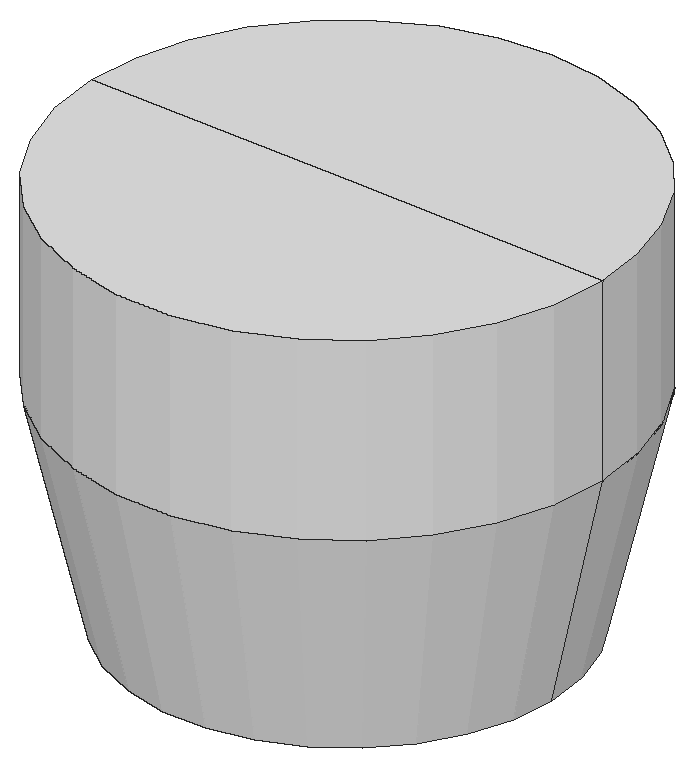
Revit family "CWSO-WW-S2 ENScape akustisk signalgiver hvit _Tak", category Fire Alarm Devices, Revit 2016
Family settings
  Maintain Annotation Orientation = Yes
  Part Type = Normal
  Round Connector Dimension = Use Diameter
  OmniClass Number = 23.85.30.21.11.17
  OmniClass Title = Other Components
  Work Plane-Based = No
  Always vertical = No
  Cut with Voids When Loaded = No
  Shared = No
  Room Calculation Point = No
Parameters (values of type "Signalgiver")
  Type Comments = "-XH"
  Reference Line Out [instance] = 50.00 mm
  NS8360 = "5423_XN1"
  Manufacturer = "Honeywell"
  Keynote = "XN1"
  CQFontSymboler = ""
  CQ Diameter = 100.00 mm
  CQ Symbol Positive Direction [instance] = yes
  CQ Symbol Offset Side [instance] = 0.00 mm
  CQ Symbol Offset Out [instance] = 0.00 mm
  CQ Material = Plastic - White
  CQ Length = 77.00 mm
  Assembly Code = "5423"
Reference planes
  plane 1 "Center (Front/Back)": y = 0
  plane 2: z = 0
  plane 3 "Center (Left/Right)": x = 0
  plane 4: x = 50
  plane 5: x = -50
  plane 6: z = -77
  plane 7: y = 50
Forms (mm)
  Revolve 1, solid, material "Plastic - White" <- "CQ Material"
    sketch origin (0, 0, 0) x (1, 0, 0) y (0, 0, -1)
      loop
        line (50, 0) -> (50, 35) -> (40, 77) -> (38, 77)
        arc (38, 77) -> (31.118, 58.248) -> (13.595, 48.661) r 28.41
        line (13.595, 48.661) -> (0, 55) -> (0, 0) -> (50, 0)
      axis (0, 77) -> (0, 0)
    angle from 0 to 360
Lines and regions (mm)
  model lines, style "InvisibleLines"
    curve 1: line (0, 0, 0) -> (0, 50, 0)
  symbolic lines, style "InvisibleLines"
    curve 2: line (-50, 0, 0) -> (-50, 50, 0)
    curve 3: line (-50, 50, 0) -> (50, 50, 0)
    curve 4: line (50, 50, 0) -> (50, 0, 0)
    curve 5: line (-50, -50, 0) -> (50, -50, 0)
  symbolic lines
    curve 6: line (0, 0, 100) -> (0, 0, 0)
Dimensions and locks
  equal spacing: plane 5, plane 3 "Center (Left/Right)", plane 4
  "CQ Diameter": plane 5 to plane 4
  equal spacing: curve 3, plane 1 "Center (Front/Back)", curve 5
  "CQ Diameter": curve 5 to curve 3
  "CQ Length": plane 2 to plane 6
  "Reference Line Out": plane 1 "Center (Front/Back)" to plane 7
  aligned and locked: level to plane 2
  aligned and locked: curve 1 to plane 2
  aligned and locked: plane 3 "Center (Left/Right)" to nested 1
  aligned and locked: plane 1 "Center (Front/Back)" to nested 1
  aligned and locked: plane 1 "Center (Front/Back)" to curve 2
  aligned and locked: plane 1 "Center (Front/Back)" to curve 4
  aligned and locked: plane 4 to curve 4
  aligned and locked: Revolve 1 sketch curve to plane 4
  aligned and locked: Revolve 1 sketch curve to plane 3 "Center (Left/Right)"  (x2)
  aligned and locked: Revolve 1 sketch curve to plane 6
  aligned and locked: plane 2 to Revolve 1 sketch curve
  aligned and locked: level to curve 6
  aligned and locked: plane 3 "Center (Left/Right)" to curve 6
Automatic sketch dimensions
  plane 3 "Center (Left/Right)" to Revolve 1 sketch curve = 9.59 mm
  plane 3 "Center (Left/Right)" to Revolve 1 sketch curve = 13.595 mm
  plane 4 to Revolve 1 sketch curve = 12.00 mm
  Revolve 1 sketch curve to Revolve 1 sketch curve = 2.00 mm
  Revolve 1 sketch curve to Revolve 1 sketch curve = 21.788 mm
  Revolve 1 sketch curve to Revolve 1 sketch curve = 1923.212 mm
  level to Revolve 1 sketch curve = 2000.00 mm
  Revolve 1 sketch curve to Revolve 1 sketch curve = 35.00 mm
  plane 6 to Revolve 1 sketch curve = 28.339 mm
  level to curve 6 = 100.00 mm
  curve 3 to plane 5 = 0.00 mm
  curve 5 to plane 5 = 0.00 mm
  plane 1 "Center (Front/Back)" to curve 1 = 0.00 mm
  curve 1 to plane 3 "Center (Left/Right)" = 0.00 mm
  curve 5 to plane 4 = 0.00 mm
Nested families
  nested 1: "Alarm - Summer" at (0, 0, 0), type "Type 1"
Connectors
  electrical at (0, 0, 0)
    settings: index 1, voltage 0 V, apparent load 0 VA, apparent load phase1 0 VA, apparent load phase2 0 VA, apparent load phase3 0 VA, power factor 1, load classification "Other", number of poles 1, system type 11, power factor state 1, is connector primary yes, connector utility no, sub classification motor no, connector description ""
Definition of nested family "Alarm - Summer"
  Parameters (values of type "Type 1")
    CQ Symbol Positive Direction = yes
    CQ Symbol Negative Direction = not(CQ Symbol Positive Direction)  # no
    CQ Symbol Offset Side = 0.00 mm
    CQ Symbol Offset Out = 0.00 mm
  Reference planes
    plane 1: y = 0
    plane 2: x = 0
  Dimensions and locks
    "CQ Symbol Offset Out": plane 1 to nested 1
    "CQ Symbol Offset Out": plane 1 to nested 2
    "CQ Symbol Offset Side": nested 2 to plane 2
    "CQ Symbol Offset Side": plane 2 to nested 1
  Nested families
    nested 1: "Alarm - SummerSub" at (0, 0, 0), visible <- "CQ Symbol Positive Direction", type "Type 1"
    nested 2: "Alarm - SummerSub" at (0, 0, 0), visible <- "CQ Symbol Negative Direction", type "Type 1"
  Definition of nested family "Alarm - SummerSub"
    Reference planes
      plane 1: y = 0
      plane 2: x = 0
    Lines and regions (mm)
      detail lines
        curve 1: line (0, 0, 0) -> (0, 2.5, 0)
        curve 2: line (0, 0, 0) -> (-1.847, 0, 0)
        curve 3: line (-2.5, 2.5, 0) -> (2.5, 2.5, 0)
        curve 4: line (0, 5, 0) -> (-2.5, 2.5, 0)
        curve 5: line (0, 5, 0) -> (2.5, 2.5, 0)
